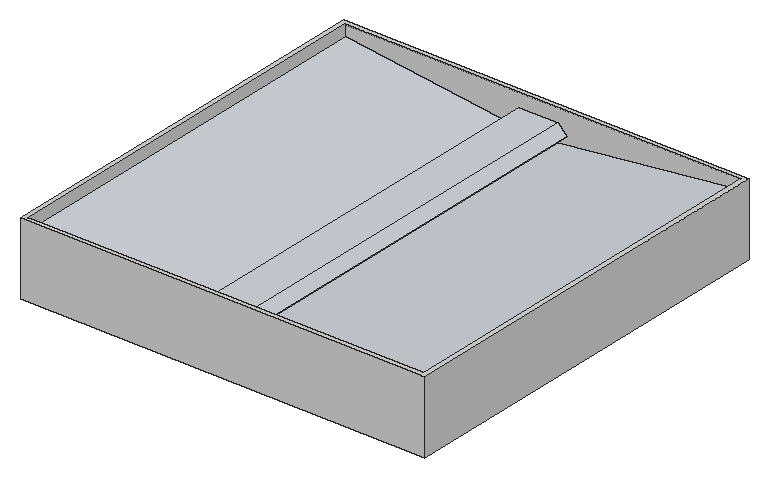
Revit family "LSER22", category Lighting Fixtures, host Face, Revit 2021
Family settings
  Host = Face
  Round Connector Dimension = Use Diameter
  Part Type = Normal
  Cut with Voids When Loaded = No
  Light Source = Yes
  Shared = No
  Room Calculation Point = No
Parameters (values of type "LSER22-40VLG-R-ESD")
  Wattage Comments = ""
  Wattage = 9.2903 W
  WIDTH = 2' - 0"
  built-in parameter 1150110 = 1 (stored number, unit not read)
  Voltage = 0 V
  URL = "https://www.currentlighting.com/columbia"
  built-in parameter 1114217 = 1 (stored number, unit not read)
  Tilt Angle = 90.00°
  built-in parameter 1150109 = 1 (stored number, unit not read)
  built-in parameter 1150134 = 3
  built-in parameter 1150113 = 1 (stored number, unit not read)
  Product Page URL = ""
  Product Documentation Link = ""
  Power Factor = 1
  Photometric Web File = "itl78366.ies"
  Number of Poles = 1
  Model = "LSER22"
  Manufacturer = "COLUMBIA"
  built-in parameter 1150105 = 109.82 (stored number, unit not read)
  Lumens = 1380 lm
  built-in parameter 1150115 = 1 (stored number, unit not read)
  built-in parameter 1150137 = (empty or 0)
  built-in parameter 1150139 = (empty or 0)
  built-in parameter 1150112 = 1 (stored number, unit not read)
  built-in parameter 1150114 = 1 (stored number, unit not read)
  Lamp = ""
  LEGNTH = 4' - 6"
  built-in parameter 1150132 = (empty or 0)
  built-in parameter 1150102 = (empty or 0)
  built-in parameter 1150107 = 3200 (stored number, unit not read)
  built-in parameter 1150138 = (empty or 0)
  built-in parameter 1150106 = 1.0982 (stored number, unit not read)
  built-in parameter 1150104 = 13.8 (stored number, unit not read)
  Dimming Lamp Color Temperature Shift = <None>
  Default Elevation = 4' - 0"
  Color Filter = 16777215
  Body = Paint White
  built-in parameter 1114218 = 1 (stored number, unit not read)
  built-in parameter 1150133 = 10 (stored number, unit not read)
  Apparent Load = 0 VA
Types (25): name | URL | Photometric Web File
  (no name) | "https://www.currentlighting.com/columbia" | "itl78366.ies"
  LSER22-30HLG-C-ESD | "https://www.currentlighting.com/columbia" | "itl78367.ies"
  LSER22-30HLG-R-ESD | "https://www.currentlighting.com/columbia" | "itl78368.ies"
  LSER22-30LWG-C-ESD | "https://www.currentlighting.com/columbia" | "itl78371.ies"
  LSER22-30LWG-R-ESD | "https://www.currentlighting.com/columbia" | "itl78372.ies"
  LSER22-30MLG-C-ESD | "https://www.currentlighting.com/columbia" | "itl78353.ies"
  LSER22-30MLG-R-ESD | "https://www.currentlighting.com/columbia" | "itl78356.ies"
  LSER22-30VLG-C-ESD | "https://www.currentlighting.com/columbia" | "itl78369.ies"
  LSER22-30VLG-R-ESD | "https://www.currentlighting.com/columbia" | "itl78370.ies"
  LSER22-35HLG-C-ESD | "https://www.currentlighting.com/columbia" | "itl78359.ies"
  LSER22-35HLG-R-ESD | "https://www.currentlighting.com/columbia" | "itl78361.ies"
  LSER22-35LWG-C-ESD | "https://www.currentlighting.com/columbia" | "itl78349.ies"
  LSER22-35LWG-R-ESD | "https://www.currentlighting.com/columbia" | "itl78351.ies"
  LSER22-35MLG-C-ESD | "https://www.currentlighting.com/columbia" | "itl78354.ies"
  LSER22-35MLG-R-ESD | "https://www.currentlighting.com/columbia" | "itl78357.ies"
  LSER22-35VLG-C-ESD | "https://www.currentlighting.com/columbia" | "itl78363.ies"
  LSER22-35VLG-R-ESD | "https://www.currentlighting.com/columbia" | "itl78365.ies"
  LSER22-40HLG-C-ESD | "https://www.currentlighting.com/columbia" | "itl78360.ies"
  LSER22-40HLG-R-ESD | 0' - 0" | "itl78362.ies"
  LSER22-40LWG-C-ESD | 0' - 0" | "itl78350.ies"
  LSER22-40LWG-R-ESD | "https://www.currentlighting.com/columbia" | "itl78352.ies"
  LSER22-40MLG-C-ESD | "https://www.currentlighting.com/columbia" | "itl78355.ies"
  LSER22-40MLG-R-ESD | "https://www.currentlighting.com/columbia" | "itl78358.ies"
  LSER22-40VLG-C-ESD | "https://www.currentlighting.com/columbia" | "itl78364.ies"
  LSER22-40VLG-R-ESD | "https://www.currentlighting.com/columbia" | "itl78366.ies"
Reference planes (in)
  plane 1 "Center (Front/Back)": y = 0
  plane 2: z = 0
  plane 3 "Center (Left/Right)": x = 0
  plane 4: x = -11.75
  plane 5: y = 11.75
  plane 6: x = 12
  plane 7: y = -12
  plane 8: y = -11.75
  plane 9: x = 11.75
Forms (in)
  Extrusion 1, solid, material "Paint White" <- "Body"
    sketch origin (0, 0, 0) x (1, 0, 0) y (0, 1, 0)
      loop
        line (-12, 12) -> (-12, -12) -> (12, -12) -> (12, 12) -> (-12, 12)
    from 0 to -4.3125
  Extrusion 2, void
    sketch origin (0, 0, 0) x (1, 0, 0) y (0, 1, 0)
      loop
        line (-11.75, 11.75) -> (-11.75, -11.75) -> (11.75, -11.75) -> (11.75, 11.75) -> (-11.75, 11.75)
    from 0 to -4.3125
  Extrusion 3, solid
    sketch origin (0, 0, 0) x (1, 0, 0) y (0, 0, 1)
      loop
        line (-11.41519, -0.40894) -> (-11.16836, -2.4192) -> (11.33164, -2.4192) -> (11.33164, -0.4192) -> (1.15804, -1.66836) -> (1.68837, -1.13803) -> (1.15804, -0.6077) -> (-1.15804, -0.6077) -> (-1.68837, -1.13803) -> (-1.15804, -1.66836) -> (-11.41519, -0.40894)
    from 11.48351 to -11.40108
Cuts and joins
  Extrusion 2 cuts Extrusion 1
Lines and regions (in)
  reference lines
    curve 1: line (-11.33164, 0, -0.4192) -> (-1.15804, 0, -1.66836)
    curve 2: line (-1.15804, 0, -1.66836) -> (-1.68837, 0, -1.13803)
    curve 3: line (-1.68837, 0, -1.13803) -> (-1.15804, 0, -0.6077)
    curve 4: line (-1.15804, 0, -0.6077) -> (0, 0, -0.6077)
    curve 5: line (11.33164, 0, -0.4192) -> (1.15804, 0, -1.66836)
    curve 6: line (1.15804, 0, -1.66836) -> (1.68837, 0, -1.13803)
    curve 7: line (1.68837, 0, -1.13803) -> (1.15804, 0, -0.6077)
    curve 8: line (1.15804, 0, -0.6077) -> (0, 0, -0.6077)
Dimensions and locks (in)
  aligned and locked: plane 2 to host face
  aligned and locked: level to host face
Connectors (in)
  electrical at (0, 0, 0), driven by "Number of Poles", driven by "Voltage", driven by "Apparent Load", driven by "Power Factor"
    settings: on host face, index 1, voltage 0 V, apparent load 0 VA, apparent load phase1 0 VA, apparent load phase2 0 VA, apparent load phase3 0 VA, power factor 1, load classification "Other", number of poles 1, system type 31, power factor state 1, is connector primary yes, connector utility yes, sub classification motor no, connector description "Power"
